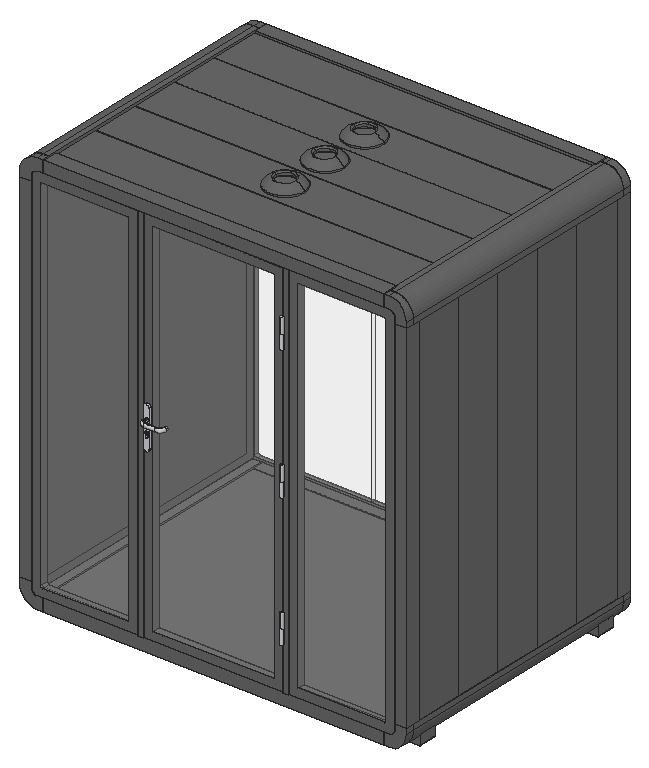
Revit family "Inbox Booths_Large Booth", category Furniture, Revit 2024 (continued)
Automatic sketch dimensions
  Extrusion 15 sketch curve to Extrusion 15 sketch curve = 7.211 mm
  Extrusion 16 sketch curve to Extrusion 16 sketch curve = 6.772 mm
  Extrusion 16 sketch curve to Extrusion 16 sketch curve = 0.008 mm
  Sweep 17 sketch curve to Sweep 17 sketch curve = 0.5 mm
  Sweep 17 sketch curve to Sweep 17 sketch curve = 34 mm  (x2)
  Sweep 17 sketch curve to Sweep 17 sketch curve = 10.004 mm
  profile plane to Sweep 17 sketch curve = 16.111 mm
  Sweep 17 sketch curve to profile plane = 9.363 mm
  Sweep 17 sketch curve to Sweep 17 sketch curve = 2.326 mm
  Sweep 17 sketch curve to Sweep 17 sketch curve = 2.327 mm
  profile plane to Sweep 17 sketch curve = 0.897 mm
  Sweep 17 sketch curve to Sweep 17 sketch curve = 2.189 mm
  Sweep 17 sketch curve to Sweep 17 sketch curve = 2.198 mm
  Sweep 17 sketch curve to Sweep 17 sketch curve = 2.484 mm
  Sweep 17 sketch curve to Sweep 17 sketch curve = 6.089 mm
  profile plane to Sweep 17 sketch curve = 9.487 mm
  Sweep 17 sketch curve to Sweep 17 sketch curve = 8.573 mm
  Sweep 17 sketch curve to Sweep 17 sketch curve = 3.513 mm
  profile plane to Sweep 17 sketch curve = 0.101 mm
  Sweep 17 sketch curve to Sweep 17 sketch curve = 0 mm  (x3)
  Extrusion 14 sketch curve to Extrusion 14 sketch curve = 15 mm
  Extrusion 14 sketch curve to Extrusion 14 sketch curve = 210 mm
  Extrusion 15 sketch curve to Extrusion 15 sketch curve = 4.5 mm  (x2)
  Extrusion 16 sketch curve to Extrusion 16 sketch curve = 0 mm
  Sweep 17 sketch curve to Sweep 17 sketch curve = 66.5 mm
  Sweep 17 sketch curve to Sweep 17 sketch curve = 19.991 mm
  Extrusion 34 sketch curve to Extrusion 34 sketch curve = 0 mm  (x4)
  Extrusion 34 sketch curve to Extrusion 34 sketch curve = 12.789 mm
  Extrusion 34 sketch curve to Extrusion 34 sketch curve = 7.211 mm
  Extrusion 35 sketch curve to Extrusion 35 sketch curve = 6.772 mm
  Extrusion 35 sketch curve to Extrusion 35 sketch curve = 0.008 mm
  Sweep 36 sketch curve to Sweep 36 sketch curve = 0.5 mm
  Sweep 36 sketch curve to Sweep 36 sketch curve = 34 mm  (x2)
  Sweep 36 sketch curve to Sweep 36 sketch curve = 10.004 mm
  profile plane to Sweep 36 sketch curve = 16.111 mm
  Sweep 36 sketch curve to profile plane = 9.363 mm
  Sweep 36 sketch curve to Sweep 36 sketch curve = 2.326 mm
  Sweep 36 sketch curve to Sweep 36 sketch curve = 2.327 mm
  profile plane to Sweep 36 sketch curve = 0.897 mm
  Sweep 36 sketch curve to Sweep 36 sketch curve = 2.189 mm
  Sweep 36 sketch curve to Sweep 36 sketch curve = 2.198 mm
  Sweep 36 sketch curve to Sweep 36 sketch curve = 2.484 mm
  Sweep 36 sketch curve to Sweep 36 sketch curve = 6.089 mm
  profile plane to Sweep 36 sketch curve = 9.487 mm
  Sweep 36 sketch curve to Sweep 36 sketch curve = 8.573 mm
  Sweep 36 sketch curve to Sweep 36 sketch curve = 3.513 mm
  profile plane to Sweep 36 sketch curve = 0.101 mm
  Sweep 36 sketch curve to Sweep 36 sketch curve = 0 mm  (x3)
  Extrusion 33 sketch curve to Extrusion 33 sketch curve = 15 mm
  Extrusion 33 sketch curve to Extrusion 33 sketch curve = 210 mm
  Extrusion 34 sketch curve to Extrusion 34 sketch curve = 4.5 mm  (x2)
  Extrusion 35 sketch curve to Extrusion 35 sketch curve = 0 mm
  Sweep 36 sketch curve to Sweep 36 sketch curve = 66.5 mm
  Sweep 36 sketch curve to Sweep 36 sketch curve = 19.991 mm
  Extrusion 31 sketch curve to Extrusion 31 sketch curve = 50 mm  (x4)
  Extrusion 31 sketch curve to Extrusion 31 sketch curve = 694 mm
  Extrusion 31 sketch curve to Extrusion 31 sketch curve = 2066 mm
  Extrusion 5 sketch curve to Extrusion 5 sketch curve = 1516 mm
  Extrusion 5 sketch curve to Extrusion 5 sketch curve = 2146 mm
  Extrusion 13 sketch curve to Extrusion 13 sketch curve = 1940 mm
  Extrusion 13 sketch curve to Extrusion 13 sketch curve = 57 mm
  Extrusion 21 sketch curve to Extrusion 21 sketch curve = 67 mm
  Extrusion 21 sketch curve to Extrusion 21 sketch curve = 32 mm
  Extrusion 21 sketch curve to Extrusion 21 sketch curve = 1 mm
  Extrusion 21 sketch curve to Extrusion 21 sketch curve = 31 mm  (x2)
  Extrusion 21 sketch curve to Extrusion 21 sketch curve = 33 mm
  Extrusion 22 sketch curve to Extrusion 22 sketch curve = 67 mm
  Extrusion 22 sketch curve to Extrusion 22 sketch curve = 32 mm
  Extrusion 22 sketch curve to Extrusion 22 sketch curve = 1 mm
  Extrusion 22 sketch curve to Extrusion 22 sketch curve = 31 mm  (x2)
  Extrusion 22 sketch curve to Extrusion 22 sketch curve = 33 mm
  Extrusion 23 sketch curve to Extrusion 23 sketch curve = 281.2 mm
  Extrusion 23 sketch curve to Extrusion 23 sketch curve = 2040 mm
  Extrusion 24 sketch curve to Extrusion 24 sketch curve = 1940 mm
  Extrusion 24 sketch curve to Extrusion 24 sketch curve = 57 mm
  Extrusion 66 sketch curve to Extrusion 66 sketch curve = 4 mm  (x2)
  Extrusion 66 sketch curve to Extrusion 66 sketch curve = 90 mm
  Extrusion 66 sketch curve to Extrusion 66 sketch curve = 36.232 mm
  Extrusion 66 sketch curve to Extrusion 66 sketch curve = 6 mm
  Extrusion 66 sketch curve to Extrusion 66 sketch curve = 62.411 mm
  Extrusion 71 sketch curve to Extrusion 71 sketch curve = 67 mm
  Extrusion 71 sketch curve to Extrusion 71 sketch curve = 32 mm
  Extrusion 71 sketch curve to Extrusion 71 sketch curve = 1 mm
  Extrusion 71 sketch curve to Extrusion 71 sketch curve = 31 mm  (x2)
  Extrusion 71 sketch curve to Extrusion 71 sketch curve = 30 mm
  Extrusion 73 sketch curve to Extrusion 73 sketch curve = 4 mm  (x2)
  Extrusion 73 sketch curve to Extrusion 73 sketch curve = 90 mm
  Extrusion 73 sketch curve to Extrusion 73 sketch curve = 36.232 mm
  Extrusion 73 sketch curve to Extrusion 73 sketch curve = 43.589 mm
  Extrusion 73 sketch curve to Extrusion 73 sketch curve = 62.411 mm
  Extrusion 85 sketch curve to Extrusion 85 sketch curve = 0 mm  (x8)
  Extrusion 85 sketch curve to Extrusion 85 sketch curve = 20 mm
  Extrusion 85 sketch curve to Extrusion 85 sketch curve = 12 mm  (x3)
  Extrusion 85 sketch curve to Extrusion 85 sketch curve = 2002 mm  (x2)
  Extrusion 85 sketch curve to Extrusion 85 sketch curve = 2102 mm
  Extrusion 86 sketch curve to Extrusion 86 sketch curve = 654 mm  (x2)
  Extrusion 86 sketch curve to Extrusion 86 sketch curve = 12 mm
  Extrusion 86 sketch curve to Extrusion 86 sketch curve = 2102 mm
  Extrusion 90 sketch curve to Extrusion 90 sketch curve = 281.2 mm
  Extrusion 90 sketch curve to Extrusion 90 sketch curve = 2040 mm
  Extrusion 93 sketch curve to Extrusion 93 sketch curve = 1940 mm
  Extrusion 93 sketch curve to Extrusion 93 sketch curve = 57 mm
  Extrusion 94 sketch curve to Extrusion 94 sketch curve = 1940 mm
  Extrusion 94 sketch curve to Extrusion 94 sketch curve = 57 mm
  Extrusion 95 sketch curve to Extrusion 95 sketch curve = 1940 mm
  Extrusion 95 sketch curve to Extrusion 95 sketch curve = 57 mm
  Extrusion 100 sketch curve to Extrusion 100 sketch curve = 1940 mm
  Extrusion 100 sketch curve to Extrusion 100 sketch curve = 67 mm
  Extrusion 101 sketch curve to Extrusion 101 sketch curve = 32 mm  (x2)
  Extrusion 101 sketch curve to Extrusion 101 sketch curve = 18 mm
  Extrusion 101 sketch curve to Extrusion 101 sketch curve = 11.954 mm  (x2)
  Extrusion 101 sketch curve to Extrusion 101 sketch curve = 12 mm
  Extrusion 101 sketch curve to Extrusion 101 sketch curve = 1.046 mm
  Extrusion 101 sketch curve to Extrusion 101 sketch curve = 492 mm
  Extrusion 101 sketch curve to Extrusion 101 sketch curve = 50 mm  (x2)
  Extrusion 101 sketch curve to Extrusion 101 sketch curve = 2041 mm
  Extrusion 101 sketch curve to Extrusion 101 sketch curve = 30 mm
  Extrusion 102 sketch curve to Extrusion 102 sketch curve = 11.954 mm  (x2)
  Extrusion 102 sketch curve to Extrusion 102 sketch curve = 12 mm
  Extrusion 102 sketch curve to Extrusion 102 sketch curve = 1.046 mm
  Extrusion 102 sketch curve to Extrusion 102 sketch curve = 492 mm
  Extrusion 102 sketch curve to Extrusion 102 sketch curve = 2041 mm
  Extrusion 103 sketch curve to Extrusion 103 sketch curve = 45 mm
  Extrusion 103 sketch curve to Extrusion 103 sketch curve = 2166 mm
  Extrusion 104 sketch curve to Extrusion 104 sketch curve = 32 mm  (x2)
  Extrusion 104 sketch curve to Extrusion 104 sketch curve = 18 mm  (x3)
  Extrusion 104 sketch curve to Extrusion 104 sketch curve = 11.954 mm
  Extrusion 104 sketch curve to Extrusion 104 sketch curve = 12 mm
  Extrusion 104 sketch curve to Extrusion 104 sketch curve = 1.046 mm  (x2)
  Extrusion 104 sketch curve to Extrusion 104 sketch curve = 492 mm
  Extrusion 104 sketch curve to Extrusion 104 sketch curve = 50 mm
  Extrusion 104 sketch curve to Extrusion 104 sketch curve = 2041 mm
  Extrusion 105 sketch curve to Extrusion 105 sketch curve = 11.954 mm
  Extrusion 105 sketch curve to Extrusion 105 sketch curve = 12 mm
  Extrusion 105 sketch curve to Extrusion 105 sketch curve = 1.046 mm  (x2)
  Extrusion 105 sketch curve to Extrusion 105 sketch curve = 492 mm
  Extrusion 105 sketch curve to Extrusion 105 sketch curve = 2041 mm
  Extrusion 106 sketch curve to Extrusion 106 sketch curve = 45 mm
  Extrusion 106 sketch curve to Extrusion 106 sketch curve = 2166 mm
  Extrusion 110 sketch curve to Extrusion 110 sketch curve = 0 mm  (x4)
  Extrusion 110 sketch curve to Extrusion 110 sketch curve = 12.789 mm
  Extrusion 110 sketch curve to Extrusion 110 sketch curve = 7.211 mm
  Extrusion 111 sketch curve to Extrusion 111 sketch curve = 6.772 mm
  Extrusion 111 sketch curve to Extrusion 111 sketch curve = 0.008 mm
  Sweep 112 sketch curve to Sweep 112 sketch curve = 0.5 mm
  Sweep 112 sketch curve to Sweep 112 sketch curve = 34 mm  (x2)
  Sweep 112 sketch curve to Sweep 112 sketch curve = 10.004 mm
  profile plane to Sweep 112 sketch curve = 16.111 mm
  Sweep 112 sketch curve to profile plane = 9.363 mm
  Sweep 112 sketch curve to Sweep 112 sketch curve = 2.326 mm
  Sweep 112 sketch curve to Sweep 112 sketch curve = 2.327 mm
  profile plane to Sweep 112 sketch curve = 0.897 mm
  Sweep 112 sketch curve to Sweep 112 sketch curve = 2.189 mm
  Sweep 112 sketch curve to Sweep 112 sketch curve = 2.198 mm
  Sweep 112 sketch curve to Sweep 112 sketch curve = 2.484 mm
  Sweep 112 sketch curve to Sweep 112 sketch curve = 6.089 mm
  profile plane to Sweep 112 sketch curve = 9.487 mm
  Sweep 112 sketch curve to Sweep 112 sketch curve = 8.573 mm
  Sweep 112 sketch curve to Sweep 112 sketch curve = 3.513 mm
  profile plane to Sweep 112 sketch curve = 0.101 mm
  Sweep 112 sketch curve to Sweep 112 sketch curve = 0 mm  (x3)
  Extrusion 109 sketch curve to Extrusion 109 sketch curve = 15 mm
  Extrusion 109 sketch curve to Extrusion 109 sketch curve = 210 mm
  Extrusion 110 sketch curve to Extrusion 110 sketch curve = 4.5 mm  (x2)
  Extrusion 111 sketch curve to Extrusion 111 sketch curve = 0 mm
  Sweep 112 sketch curve to Sweep 112 sketch curve = 66.5 mm
  Sweep 112 sketch curve to Sweep 112 sketch curve = 19.991 mm
  Extrusion 107 sketch curve to Extrusion 107 sketch curve = 50 mm  (x4)
  Extrusion 107 sketch curve to Extrusion 107 sketch curve = 694 mm
  Extrusion 107 sketch curve to Extrusion 107 sketch curve = 2066 mm
  Extrusion 49 sketch curve to Extrusion 49 sketch curve = 1516 mm
  Extrusion 49 sketch curve to Extrusion 49 sketch curve = 2146 mm
  Extrusion 55 sketch curve to Extrusion 55 sketch curve = 1940 mm
  Extrusion 55 sketch curve to Extrusion 55 sketch curve = 57 mm
  Extrusion 59 sketch curve to Extrusion 59 sketch curve = 67 mm
  Extrusion 59 sketch curve to Extrusion 59 sketch curve = 32 mm
  Extrusion 59 sketch curve to Extrusion 59 sketch curve = 1 mm
  Extrusion 59 sketch curve to Extrusion 59 sketch curve = 31 mm  (x2)
  Extrusion 59 sketch curve to Extrusion 59 sketch curve = 33 mm
  Extrusion 60 sketch curve to Extrusion 60 sketch curve = 67 mm
  Extrusion 60 sketch curve to Extrusion 60 sketch curve = 32 mm
  Extrusion 60 sketch curve to Extrusion 60 sketch curve = 1 mm
  Extrusion 60 sketch curve to Extrusion 60 sketch curve = 31 mm  (x2)
  Extrusion 60 sketch curve to Extrusion 60 sketch curve = 33 mm
  Extrusion 61 sketch curve to Extrusion 61 sketch curve = 281.2 mm
  Extrusion 61 sketch curve to Extrusion 61 sketch curve = 2040 mm
  Extrusion 62 sketch curve to Extrusion 62 sketch curve = 1940 mm
  Extrusion 62 sketch curve to Extrusion 62 sketch curve = 57 mm
  Extrusion 74 sketch curve to Extrusion 74 sketch curve = 4 mm  (x2)
  Extrusion 74 sketch curve to Extrusion 74 sketch curve = 90 mm
  Extrusion 74 sketch curve to Extrusion 74 sketch curve = 36.232 mm
  Extrusion 74 sketch curve to Extrusion 74 sketch curve = 6 mm
  Extrusion 74 sketch curve to Extrusion 74 sketch curve = 62.411 mm
  Extrusion 79 sketch curve to Extrusion 79 sketch curve = 67 mm
  Extrusion 79 sketch curve to Extrusion 79 sketch curve = 32 mm
  Extrusion 79 sketch curve to Extrusion 79 sketch curve = 1 mm
  Extrusion 79 sketch curve to Extrusion 79 sketch curve = 31 mm  (x2)
  Extrusion 79 sketch curve to Extrusion 79 sketch curve = 30 mm
  Extrusion 81 sketch curve to Extrusion 81 sketch curve = 4 mm  (x2)
  Extrusion 81 sketch curve to Extrusion 81 sketch curve = 90 mm
  Extrusion 81 sketch curve to Extrusion 81 sketch curve = 36.232 mm
  Extrusion 81 sketch curve to Extrusion 81 sketch curve = 43.589 mm
  Extrusion 81 sketch curve to Extrusion 81 sketch curve = 62.411 mm
  Extrusion 87 sketch curve to Extrusion 87 sketch curve = 0 mm  (x8)
  Extrusion 87 sketch curve to Extrusion 87 sketch curve = 20 mm
  Extrusion 87 sketch curve to Extrusion 87 sketch curve = 12 mm  (x3)
  Extrusion 87 sketch curve to Extrusion 87 sketch curve = 2002 mm  (x2)
  Extrusion 87 sketch curve to Extrusion 87 sketch curve = 2102 mm
  Extrusion 88 sketch curve to Extrusion 88 sketch curve = 654 mm  (x2)
  Extrusion 88 sketch curve to Extrusion 88 sketch curve = 12 mm
  Extrusion 88 sketch curve to Extrusion 88 sketch curve = 2102 mm
  Extrusion 140 sketch curve to Extrusion 140 sketch curve = 0 mm  (x4)
  Extrusion 140 sketch curve to Extrusion 140 sketch curve = 12.789 mm
  Extrusion 140 sketch curve to Extrusion 140 sketch curve = 7.211 mm
  Extrusion 141 sketch curve to Extrusion 141 sketch curve = 6.772 mm
  Extrusion 141 sketch curve to Extrusion 141 sketch curve = 0.008 mm
  Sweep 142 sketch curve to Sweep 142 sketch curve = 0.5 mm
  Sweep 142 sketch curve to Sweep 142 sketch curve = 34 mm  (x2)
  Sweep 142 sketch curve to Sweep 142 sketch curve = 10.004 mm
  profile plane to Sweep 142 sketch curve = 16.111 mm
  Sweep 142 sketch curve to profile plane = 9.363 mm
  Sweep 142 sketch curve to Sweep 142 sketch curve = 2.326 mm
  Sweep 142 sketch curve to Sweep 142 sketch curve = 2.327 mm
  profile plane to Sweep 142 sketch curve = 0.897 mm
  Sweep 142 sketch curve to Sweep 142 sketch curve = 2.189 mm
  Sweep 142 sketch curve to Sweep 142 sketch curve = 2.198 mm
  Sweep 142 sketch curve to Sweep 142 sketch curve = 2.484 mm
  Sweep 142 sketch curve to Sweep 142 sketch curve = 6.089 mm
  profile plane to Sweep 142 sketch curve = 9.487 mm
  Sweep 142 sketch curve to Sweep 142 sketch curve = 8.573 mm
  Sweep 142 sketch curve to Sweep 142 sketch curve = 3.513 mm
  profile plane to Sweep 142 sketch curve = 0.101 mm
  Sweep 142 sketch curve to Sweep 142 sketch curve = 0 mm  (x3)
  Extrusion 139 sketch curve to Extrusion 139 sketch curve = 15 mm
  Extrusion 139 sketch curve to Extrusion 139 sketch curve = 210 mm
  Extrusion 140 sketch curve to Extrusion 140 sketch curve = 4.5 mm  (x2)
  Extrusion 141 sketch curve to Extrusion 141 sketch curve = 0 mm
  Sweep 142 sketch curve to Sweep 142 sketch curve = 66.5 mm
  Sweep 142 sketch curve to Sweep 142 sketch curve = 19.991 mm
  Extrusion 137 sketch curve to Extrusion 137 sketch curve = 50 mm  (x4)
  Extrusion 137 sketch curve to Extrusion 137 sketch curve = 694 mm
  Extrusion 137 sketch curve to Extrusion 137 sketch curve = 2066 mm
  Extrusion 108 sketch curve to Extrusion 108 sketch curve = 694 mm
  Extrusion 108 sketch curve to Extrusion 108 sketch curve = 2066 mm
  Extrusion 32 sketch curve to Extrusion 32 sketch curve = 694 mm
  Extrusion 32 sketch curve to Extrusion 32 sketch curve = 2066 mm
  Extrusion 138 sketch curve to Extrusion 138 sketch curve = 694 mm
  Extrusion 138 sketch curve to Extrusion 138 sketch curve = 2066 mm
  Extrusion 152 sketch curve to Extrusion 152 sketch curve = 4 mm  (x2)
  Extrusion 152 sketch curve to Extrusion 152 sketch curve = 90 mm
  Extrusion 152 sketch curve to Extrusion 152 sketch curve = 36.232 mm
  Extrusion 152 sketch curve to Extrusion 152 sketch curve = 43.589 mm
  Extrusion 152 sketch curve to Extrusion 152 sketch curve = 62.411 mm
  Extrusion 92 sketch curve to Extrusion 92 sketch curve = 289.508 mm
  Extrusion 92 sketch curve to Extrusion 92 sketch curve = 2040 mm
  Extrusion 153 sketch curve to Extrusion 153 sketch curve = 4 mm  (x2)
  Extrusion 153 sketch curve to Extrusion 153 sketch curve = 90 mm
  Extrusion 153 sketch curve to Extrusion 153 sketch curve = 36.232 mm
  Extrusion 153 sketch curve to Extrusion 153 sketch curve = 6 mm
  Extrusion 153 sketch curve to Extrusion 153 sketch curve = 62.411 mm
  Extrusion 122 sketch curve to Extrusion 122 sketch curve = 289.508 mm
  Extrusion 122 sketch curve to Extrusion 122 sketch curve = 2040 mm
  Extrusion 156 sketch curve to Extrusion 156 sketch curve = 693.885 mm
  Extrusion 156 sketch curve to Extrusion 156 sketch curve = 2126 mm
  Sweep 149 sketch curve to profile plane = 0 mm
  profile plane to Sweep 149 sketch curve = 8.894 mm
  Sweep 149 sketch curve to profile plane = 12.021 mm
  Sweep 149 sketch curve to profile plane = 1.808 mm
  Sweep 149 sketch curve to profile plane = 13.991 mm
  Sweep 149 sketch curve to Sweep 149 sketch curve = 7.979 mm
  Sweep 149 sketch curve to Sweep 149 sketch curve = 11.956 mm
  Sweep 149 sketch curve to Sweep 149 sketch curve = 26.751 mm
  profile plane to Sweep 149 sketch curve = 0.653 mm
  Sweep 149 sketch curve to Sweep 149 sketch curve = 23.273 mm
  Sweep 149 sketch curve to Sweep 149 sketch curve = 5.949 mm
  Sweep 149 sketch curve to profile plane = 50.627 mm
  Sweep 149 sketch curve to Sweep 149 sketch curve = 10 mm
  Sweep 149 sketch curve to Sweep 149 sketch curve = 6.925 mm
  Sweep 150 sketch curve to profile plane = 0 mm
  profile plane to Sweep 150 sketch curve = 69.964 mm
  profile plane to Sweep 150 sketch curve = 0.653 mm
  Sweep 150 sketch curve to Sweep 150 sketch curve = 5.949 mm
  Sweep 150 sketch curve to Sweep 150 sketch curve = 23.273 mm
  profile plane to Sweep 150 sketch curve = 23.977 mm
  Sweep 150 sketch curve to Sweep 150 sketch curve = 3.977 mm
  Sweep 150 sketch curve to profile plane = 1.808 mm
  profile plane to Sweep 150 sketch curve = 13.991 mm
  Sweep 150 sketch curve to Sweep 150 sketch curve = 11.956 mm
  Sweep 150 sketch curve to profile plane = 8.894 mm
  Sweep 150 sketch curve to profile plane = 50.627 mm
  Sweep 150 sketch curve to Sweep 150 sketch curve = 10 mm
  Sweep 150 sketch curve to Sweep 150 sketch curve = 6.925 mm
  Sweep 151 sketch curve to profile plane = 0 mm
  profile plane to Sweep 151 sketch curve = 69.964 mm
  profile plane to Sweep 151 sketch curve = 0.653 mm
  Sweep 151 sketch curve to Sweep 151 sketch curve = 5.949 mm
  Sweep 151 sketch curve to Sweep 151 sketch curve = 23.273 mm
  profile plane to Sweep 151 sketch curve = 23.977 mm
  Sweep 151 sketch curve to Sweep 151 sketch curve = 3.977 mm
  Sweep 151 sketch curve to profile plane = 1.808 mm
  profile plane to Sweep 151 sketch curve = 13.991 mm
  Sweep 151 sketch curve to Sweep 151 sketch curve = 11.956 mm
  Sweep 151 sketch curve to profile plane = 8.894 mm
  Sweep 151 sketch curve to profile plane = 50.627 mm
  Sweep 151 sketch curve to Sweep 151 sketch curve = 10 mm
  Sweep 151 sketch curve to Sweep 151 sketch curve = 6.925 mm
  Extrusion 158 sketch curve to Extrusion 158 sketch curve = 654 mm  (x2)
  Extrusion 158 sketch curve to Extrusion 158 sketch curve = 12 mm
  Extrusion 158 sketch curve to Extrusion 158 sketch curve = 2102 mm
  Extrusion 157 sketch curve to Extrusion 157 sketch curve = 693.885 mm
  Extrusion 157 sketch curve to Extrusion 157 sketch curve = 2126 mm
  Extrusion 1 sketch curve to Extrusion 1 sketch curve = 1940 mm
  Extrusion 1 sketch curve to Extrusion 1 sketch curve = 67 mm
  Extrusion 2 sketch curve to Extrusion 2 sketch curve = 1940 mm
  Extrusion 2 sketch curve to Extrusion 2 sketch curve = 67 mm
  Extrusion 3 sketch curve to Extrusion 3 sketch curve = 1940 mm
  Extrusion 3 sketch curve to Extrusion 3 sketch curve = 67 mm
  Extrusion 4 sketch curve to Extrusion 4 sketch curve = 90 mm
  Extrusion 4 sketch curve to Extrusion 4 sketch curve = 1414.308 mm
  Extrusion 4 sketch curve to Extrusion 4 sketch curve = 81.692 mm
  Extrusion 4 sketch curve to Extrusion 4 sketch curve = 0 mm  (x2)
  Extrusion 4 sketch curve to Extrusion 4 sketch curve = 2040 mm
  Extrusion 6 sketch curve to Extrusion 6 sketch curve = 63 mm  (x2)
  Extrusion 6 sketch curve to Extrusion 6 sketch curve = 1940 mm  (x2)
  Extrusion 6 sketch curve to Extrusion 6 sketch curve = 53 mm  (x2)
  Extrusion 6 sketch curve to Extrusion 6 sketch curve = 0 mm
  Extrusion 6 sketch curve to Extrusion 6 sketch curve = 10 mm  (x3)
  Extrusion 6 sketch curve to Extrusion 6 sketch curve = 2146 mm
  Extrusion 7 sketch curve to Extrusion 7 sketch curve = 0 mm  (x2)
  Extrusion 7 sketch curve to Extrusion 7 sketch curve = 1940 mm
  Extrusion 7 sketch curve to Extrusion 7 sketch curve = 45 mm
  Extrusion 7 sketch curve to Extrusion 7 sketch curve = 1406 mm
  Extrusion 7 sketch curve to Extrusion 7 sketch curve = 65 mm
  Extrusion 8 sketch curve to Extrusion 8 sketch curve = 0 mm  (x2)
  Extrusion 8 sketch curve to Extrusion 8 sketch curve = 1940 mm
  Extrusion 8 sketch curve to Extrusion 8 sketch curve = 63 mm
  Extrusion 8 sketch curve to Extrusion 8 sketch curve = 1388 mm
  Extrusion 8 sketch curve to Extrusion 8 sketch curve = 65 mm
  Extrusion 9 sketch curve to Extrusion 9 sketch curve = 1940 mm
  Extrusion 9 sketch curve to Extrusion 9 sketch curve = 67 mm
  Extrusion 10 sketch curve to Extrusion 10 sketch curve = 1940 mm
  Extrusion 10 sketch curve to Extrusion 10 sketch curve = 67 mm
  Extrusion 18 sketch curve to Extrusion 18 sketch curve = 67 mm
  Extrusion 18 sketch curve to Extrusion 18 sketch curve = 32 mm
  Extrusion 18 sketch curve to Extrusion 18 sketch curve = 1 mm
  Extrusion 18 sketch curve to Extrusion 18 sketch curve = 31 mm  (x2)
  Extrusion 18 sketch curve to Extrusion 18 sketch curve = 33 mm
  Extrusion 19 sketch curve to Extrusion 19 sketch curve = 67 mm
  Extrusion 19 sketch curve to Extrusion 19 sketch curve = 32 mm
  Extrusion 19 sketch curve to Extrusion 19 sketch curve = 1 mm
  Extrusion 19 sketch curve to Extrusion 19 sketch curve = 31 mm  (x2)
  Extrusion 19 sketch curve to Extrusion 19 sketch curve = 30 mm
  Extrusion 20 sketch curve to Extrusion 20 sketch curve = 1940 mm
  Extrusion 20 sketch curve to Extrusion 20 sketch curve = 67 mm
  Extrusion 43 sketch curve to Extrusion 43 sketch curve = 1940 mm
  Extrusion 43 sketch curve to Extrusion 43 sketch curve = 67 mm
  Extrusion 44 sketch curve to Extrusion 44 sketch curve = 1940 mm
  Extrusion 44 sketch curve to Extrusion 44 sketch curve = 67 mm
  Extrusion 67 sketch curve to Extrusion 67 sketch curve = 90 mm
  Extrusion 67 sketch curve to Extrusion 67 sketch curve = 1414.308 mm
  Extrusion 67 sketch curve to Extrusion 67 sketch curve = 81.692 mm
  Extrusion 67 sketch curve to Extrusion 67 sketch curve = 0 mm  (x2)
  Extrusion 67 sketch curve to Extrusion 67 sketch curve = 2040 mm
  Extrusion 68 sketch curve to Extrusion 68 sketch curve = 67 mm
  Extrusion 68 sketch curve to Extrusion 68 sketch curve = 32 mm
  Extrusion 68 sketch curve to Extrusion 68 sketch curve = 1 mm
  Extrusion 68 sketch curve to Extrusion 68 sketch curve = 31 mm  (x2)
  Extrusion 68 sketch curve to Extrusion 68 sketch curve = 30 mm
  Extrusion 69 sketch curve to Extrusion 69 sketch curve = 67 mm
  Extrusion 69 sketch curve to Extrusion 69 sketch curve = 32 mm
  Extrusion 69 sketch curve to Extrusion 69 sketch curve = 1 mm
  Extrusion 69 sketch curve to Extrusion 69 sketch curve = 31 mm  (x2)
  Extrusion 69 sketch curve to Extrusion 69 sketch curve = 30 mm
  Extrusion 70 sketch curve to Extrusion 70 sketch curve = 67 mm
  Extrusion 70 sketch curve to Extrusion 70 sketch curve = 32 mm
  Extrusion 70 sketch curve to Extrusion 70 sketch curve = 1 mm
  Extrusion 70 sketch curve to Extrusion 70 sketch curve = 31 mm  (x2)
  Extrusion 70 sketch curve to Extrusion 70 sketch curve = 33 mm
  Extrusion 72 sketch curve to Extrusion 72 sketch curve = 281.2 mm
  Extrusion 72 sketch curve to Extrusion 72 sketch curve = 2040 mm
  Extrusion 82 sketch curve to Extrusion 82 sketch curve = 1516 mm
  Extrusion 82 sketch curve to Extrusion 82 sketch curve = 2146 mm
  Extrusion 89 sketch curve to Extrusion 89 sketch curve = 281.2 mm
  Extrusion 89 sketch curve to Extrusion 89 sketch curve = 2040 mm
  Extrusion 91 sketch curve to Extrusion 91 sketch curve = 281.2 mm
  Extrusion 91 sketch curve to Extrusion 91 sketch curve = 2040 mm
  Extrusion 96 sketch curve to Extrusion 96 sketch curve = 281.2 mm
  Extrusion 96 sketch curve to Extrusion 96 sketch curve = 2040 mm
  Extrusion 97 sketch curve to Extrusion 97 sketch curve = 281.2 mm
  Extrusion 97 sketch curve to Extrusion 97 sketch curve = 2040 mm
  Extrusion 98 sketch curve to Extrusion 98 sketch curve = 281.2 mm
  Extrusion 98 sketch curve to Extrusion 98 sketch curve = 2040 mm
  Extrusion 99 sketch curve to Extrusion 99 sketch curve = 289.508 mm
  Extrusion 99 sketch curve to Extrusion 99 sketch curve = 2040 mm
  Extrusion 163 sketch curve to Extrusion 163 sketch curve = 67 mm
  Extrusion 163 sketch curve to Extrusion 163 sketch curve = 32 mm
  Extrusion 163 sketch curve to Extrusion 163 sketch curve = 1 mm
  Extrusion 163 sketch curve to Extrusion 163 sketch curve = 31 mm  (x2)
  Extrusion 163 sketch curve to Extrusion 163 sketch curve = 30 mm
  Extrusion 164 sketch curve to Extrusion 164 sketch curve = 67 mm
  Extrusion 164 sketch curve to Extrusion 164 sketch curve = 32 mm
  Extrusion 164 sketch curve to Extrusion 164 sketch curve = 1 mm
  Extrusion 164 sketch curve to Extrusion 164 sketch curve = 31 mm  (x2)
  Extrusion 164 sketch curve to Extrusion 164 sketch curve = 30 mm
  Extrusion 165 sketch curve to Extrusion 165 sketch curve = 67 mm
  Extrusion 165 sketch curve to Extrusion 165 sketch curve = 32 mm
  Extrusion 165 sketch curve to Extrusion 165 sketch curve = 1 mm
  Extrusion 165 sketch curve to Extrusion 165 sketch curve = 31 mm  (x2)
  Extrusion 165 sketch curve to Extrusion 165 sketch curve = 33 mm
  Extrusion 166 sketch curve to Extrusion 166 sketch curve = 67 mm
  Extrusion 166 sketch curve to Extrusion 166 sketch curve = 32 mm
  Extrusion 166 sketch curve to Extrusion 166 sketch curve = 1 mm
  Extrusion 166 sketch curve to Extrusion 166 sketch curve = 31 mm  (x2)
  Extrusion 166 sketch curve to Extrusion 166 sketch curve = 33 mm
  Extrusion 45 sketch curve to Extrusion 45 sketch curve = 1940 mm
  Extrusion 45 sketch curve to Extrusion 45 sketch curve = 67 mm
  Extrusion 46 sketch curve to Extrusion 46 sketch curve = 1940 mm
  Extrusion 46 sketch curve to Extrusion 46 sketch curve = 67 mm
  Extrusion 47 sketch curve to Extrusion 47 sketch curve = 1940 mm
  Extrusion 47 sketch curve to Extrusion 47 sketch curve = 67 mm
  Extrusion 48 sketch curve to Extrusion 48 sketch curve = 90 mm
  Extrusion 48 sketch curve to Extrusion 48 sketch curve = 1414.308 mm
  Extrusion 48 sketch curve to Extrusion 48 sketch curve = 81.692 mm
  Extrusion 48 sketch curve to Extrusion 48 sketch curve = 0 mm  (x2)
  Extrusion 48 sketch curve to Extrusion 48 sketch curve = 2040 mm
  Extrusion 50 sketch curve to Extrusion 50 sketch curve = 63 mm  (x2)
  Extrusion 50 sketch curve to Extrusion 50 sketch curve = 1940 mm  (x2)
  Extrusion 50 sketch curve to Extrusion 50 sketch curve = 53 mm  (x2)
  Extrusion 50 sketch curve to Extrusion 50 sketch curve = 0 mm
  Extrusion 50 sketch curve to Extrusion 50 sketch curve = 10 mm  (x3)
  Extrusion 50 sketch curve to Extrusion 50 sketch curve = 2146 mm
  Extrusion 51 sketch curve to Extrusion 51 sketch curve = 0 mm  (x2)
  Extrusion 51 sketch curve to Extrusion 51 sketch curve = 1940 mm
  Extrusion 51 sketch curve to Extrusion 51 sketch curve = 45 mm
  Extrusion 51 sketch curve to Extrusion 51 sketch curve = 1406 mm
  Extrusion 51 sketch curve to Extrusion 51 sketch curve = 65 mm
  Extrusion 52 sketch curve to Extrusion 52 sketch curve = 0 mm  (x2)
  Extrusion 52 sketch curve to Extrusion 52 sketch curve = 1940 mm
  Extrusion 52 sketch curve to Extrusion 52 sketch curve = 63 mm
  Extrusion 52 sketch curve to Extrusion 52 sketch curve = 1388 mm
  Extrusion 52 sketch curve to Extrusion 52 sketch curve = 65 mm
  Extrusion 53 sketch curve to Extrusion 53 sketch curve = 1940 mm
  Extrusion 53 sketch curve to Extrusion 53 sketch curve = 67 mm
  Extrusion 54 sketch curve to Extrusion 54 sketch curve = 1940 mm
  Extrusion 54 sketch curve to Extrusion 54 sketch curve = 67 mm
  Extrusion 56 sketch curve to Extrusion 56 sketch curve = 67 mm
  Extrusion 56 sketch curve to Extrusion 56 sketch curve = 32 mm
  Extrusion 56 sketch curve to Extrusion 56 sketch curve = 1 mm
  Extrusion 56 sketch curve to Extrusion 56 sketch curve = 31 mm  (x2)
  Extrusion 56 sketch curve to Extrusion 56 sketch curve = 33 mm
  Extrusion 57 sketch curve to Extrusion 57 sketch curve = 67 mm
  Extrusion 57 sketch curve to Extrusion 57 sketch curve = 32 mm
  Extrusion 57 sketch curve to Extrusion 57 sketch curve = 1 mm
  Extrusion 57 sketch curve to Extrusion 57 sketch curve = 31 mm  (x2)
  Extrusion 57 sketch curve to Extrusion 57 sketch curve = 30 mm
  Extrusion 58 sketch curve to Extrusion 58 sketch curve = 1940 mm
  Extrusion 58 sketch curve to Extrusion 58 sketch curve = 67 mm
  Extrusion 63 sketch curve to Extrusion 63 sketch curve = 1940 mm
  Extrusion 63 sketch curve to Extrusion 63 sketch curve = 67 mm
  Extrusion 64 sketch curve to Extrusion 64 sketch curve = 1940 mm
  Extrusion 64 sketch curve to Extrusion 64 sketch curve = 67 mm
  Extrusion 75 sketch curve to Extrusion 75 sketch curve = 90 mm
  Extrusion 75 sketch curve to Extrusion 75 sketch curve = 1414.308 mm
  Extrusion 75 sketch curve to Extrusion 75 sketch curve = 81.692 mm
  Extrusion 75 sketch curve to Extrusion 75 sketch curve = 0 mm  (x2)
  Extrusion 75 sketch curve to Extrusion 75 sketch curve = 2040 mm
  Extrusion 76 sketch curve to Extrusion 76 sketch curve = 67 mm
  Extrusion 76 sketch curve to Extrusion 76 sketch curve = 32 mm
  Extrusion 76 sketch curve to Extrusion 76 sketch curve = 1 mm
  Extrusion 76 sketch curve to Extrusion 76 sketch curve = 31 mm  (x2)
  Extrusion 76 sketch curve to Extrusion 76 sketch curve = 30 mm
  Extrusion 77 sketch curve to Extrusion 77 sketch curve = 67 mm
  Extrusion 77 sketch curve to Extrusion 77 sketch curve = 32 mm
  Extrusion 77 sketch curve to Extrusion 77 sketch curve = 1 mm
  Extrusion 77 sketch curve to Extrusion 77 sketch curve = 31 mm  (x2)
  Extrusion 77 sketch curve to Extrusion 77 sketch curve = 30 mm
  Extrusion 78 sketch curve to Extrusion 78 sketch curve = 67 mm
  Extrusion 78 sketch curve to Extrusion 78 sketch curve = 32 mm
  Extrusion 78 sketch curve to Extrusion 78 sketch curve = 1 mm
  Extrusion 78 sketch curve to Extrusion 78 sketch curve = 31 mm  (x2)
  Extrusion 78 sketch curve to Extrusion 78 sketch curve = 33 mm
  Extrusion 80 sketch curve to Extrusion 80 sketch curve = 281.2 mm
  Extrusion 80 sketch curve to Extrusion 80 sketch curve = 2040 mm
  Extrusion 83 sketch curve to Extrusion 83 sketch curve = 1516 mm
  Extrusion 83 sketch curve to Extrusion 83 sketch curve = 2146 mm
  Extrusion 119 sketch curve to Extrusion 119 sketch curve = 281.2 mm
  Extrusion 119 sketch curve to Extrusion 119 sketch curve = 2040 mm
  Extrusion 121 sketch curve to Extrusion 121 sketch curve = 281.2 mm
  Extrusion 121 sketch curve to Extrusion 121 sketch curve = 2040 mm
  Extrusion 126 sketch curve to Extrusion 126 sketch curve = 281.2 mm
  Extrusion 126 sketch curve to Extrusion 126 sketch curve = 2040 mm
  Extrusion 127 sketch curve to Extrusion 127 sketch curve = 281.2 mm
  Extrusion 127 sketch curve to Extrusion 127 sketch curve = 2040 mm
  Extrusion 128 sketch curve to Extrusion 128 sketch curve = 281.2 mm
  Extrusion 128 sketch curve to Extrusion 128 sketch curve = 2040 mm
  Extrusion 129 sketch curve to Extrusion 129 sketch curve = 289.508 mm
  Extrusion 129 sketch curve to Extrusion 129 sketch curve = 2040 mm
  Extrusion 11 sketch curve to Extrusion 11 sketch curve = 1940 mm
  Extrusion 11 sketch curve to Extrusion 11 sketch curve = 1406 mm
  Extrusion 12 sketch curve to Extrusion 12 sketch curve = 1396.308 mm
  Extrusion 12 sketch curve to Extrusion 12 sketch curve = 1940 mm
  Extrusion 65 sketch curve to Extrusion 65 sketch curve = 1406 mm
  Extrusion 65 sketch curve to Extrusion 65 sketch curve = 2040 mm
  Extrusion 84 sketch curve to Extrusion 84 sketch curve = 1406 mm
  Extrusion 84 sketch curve to Extrusion 84 sketch curve = 2040 mm
  Extrusion 175 sketch curve to Extrusion 175 sketch curve = 1516 mm
  Extrusion 175 sketch curve to Extrusion 175 sketch curve = 2146 mm
  Extrusion 183 sketch curve to Extrusion 183 sketch curve = 1940 mm
  Extrusion 183 sketch curve to Extrusion 183 sketch curve = 57 mm
  Extrusion 187 sketch curve to Extrusion 187 sketch curve = 67 mm
  Extrusion 187 sketch curve to Extrusion 187 sketch curve = 32 mm
  Extrusion 187 sketch curve to Extrusion 187 sketch curve = 1 mm
  Extrusion 187 sketch curve to Extrusion 187 sketch curve = 31 mm  (x2)
  Extrusion 187 sketch curve to Extrusion 187 sketch curve = 33 mm
  Extrusion 188 sketch curve to Extrusion 188 sketch curve = 67 mm
  Extrusion 188 sketch curve to Extrusion 188 sketch curve = 32 mm
  Extrusion 188 sketch curve to Extrusion 188 sketch curve = 1 mm
  Extrusion 188 sketch curve to Extrusion 188 sketch curve = 31 mm  (x2)
  Extrusion 188 sketch curve to Extrusion 188 sketch curve = 33 mm
  Extrusion 189 sketch curve to Extrusion 189 sketch curve = 281.2 mm
  Extrusion 189 sketch curve to Extrusion 189 sketch curve = 2040 mm
  Extrusion 190 sketch curve to Extrusion 190 sketch curve = 1940 mm
  Extrusion 190 sketch curve to Extrusion 190 sketch curve = 57 mm
  Extrusion 194 sketch curve to Extrusion 194 sketch curve = 4 mm  (x2)
  Extrusion 194 sketch curve to Extrusion 194 sketch curve = 90 mm
  Extrusion 194 sketch curve to Extrusion 194 sketch curve = 36.232 mm
  Extrusion 194 sketch curve to Extrusion 194 sketch curve = 6 mm
  Extrusion 194 sketch curve to Extrusion 194 sketch curve = 62.411 mm
  Extrusion 199 sketch curve to Extrusion 199 sketch curve = 67 mm
  Extrusion 199 sketch curve to Extrusion 199 sketch curve = 32 mm
  Extrusion 199 sketch curve to Extrusion 199 sketch curve = 1 mm
  Extrusion 199 sketch curve to Extrusion 199 sketch curve = 31 mm  (x2)
  Extrusion 199 sketch curve to Extrusion 199 sketch curve = 30 mm
  Extrusion 201 sketch curve to Extrusion 201 sketch curve = 4 mm  (x2)
  Extrusion 201 sketch curve to Extrusion 201 sketch curve = 90 mm
  Extrusion 201 sketch curve to Extrusion 201 sketch curve = 36.232 mm
  Extrusion 201 sketch curve to Extrusion 201 sketch curve = 43.589 mm
  Extrusion 201 sketch curve to Extrusion 201 sketch curve = 62.411 mm
  Extrusion 204 sketch curve to Extrusion 204 sketch curve = 0 mm  (x8)
  Extrusion 204 sketch curve to Extrusion 204 sketch curve = 20 mm
  Extrusion 204 sketch curve to Extrusion 204 sketch curve = 12 mm  (x3)
  Extrusion 204 sketch curve to Extrusion 204 sketch curve = 2002 mm  (x2)
  Extrusion 204 sketch curve to Extrusion 204 sketch curve = 2102 mm
  Extrusion 205 sketch curve to Extrusion 205 sketch curve = 654 mm  (x2)
  Extrusion 205 sketch curve to Extrusion 205 sketch curve = 12 mm
  Extrusion 205 sketch curve to Extrusion 205 sketch curve = 2102 mm
  Extrusion 207 sketch curve to Extrusion 207 sketch curve = 281.2 mm
  Extrusion 207 sketch curve to Extrusion 207 sketch curve = 2040 mm
  Extrusion 210 sketch curve to Extrusion 210 sketch curve = 1940 mm
  Extrusion 210 sketch curve to Extrusion 210 sketch curve = 57 mm
  Extrusion 211 sketch curve to Extrusion 211 sketch curve = 1940 mm
  Extrusion 211 sketch curve to Extrusion 211 sketch curve = 57 mm
  Extrusion 212 sketch curve to Extrusion 212 sketch curve = 1940 mm
  Extrusion 212 sketch curve to Extrusion 212 sketch curve = 57 mm
  Extrusion 217 sketch curve to Extrusion 217 sketch curve = 1940 mm
  Extrusion 217 sketch curve to Extrusion 217 sketch curve = 67 mm
  Extrusion 218 sketch curve to Extrusion 218 sketch curve = 32 mm  (x2)
  Extrusion 218 sketch curve to Extrusion 218 sketch curve = 18 mm
  Extrusion 218 sketch curve to Extrusion 218 sketch curve = 11.954 mm  (x2)
  Extrusion 218 sketch curve to Extrusion 218 sketch curve = 12 mm
  Extrusion 218 sketch curve to Extrusion 218 sketch curve = 1.046 mm
  Extrusion 218 sketch curve to Extrusion 218 sketch curve = 492 mm
  Extrusion 218 sketch curve to Extrusion 218 sketch curve = 50 mm  (x2)
  Extrusion 218 sketch curve to Extrusion 218 sketch curve = 2041 mm
  Extrusion 218 sketch curve to Extrusion 218 sketch curve = 30 mm
  Extrusion 219 sketch curve to Extrusion 219 sketch curve = 11.954 mm  (x2)
  Extrusion 219 sketch curve to Extrusion 219 sketch curve = 12 mm
  Extrusion 219 sketch curve to Extrusion 219 sketch curve = 1.046 mm
  Extrusion 219 sketch curve to Extrusion 219 sketch curve = 492 mm
  Extrusion 219 sketch curve to Extrusion 219 sketch curve = 2041 mm
  Extrusion 220 sketch curve to Extrusion 220 sketch curve = 45 mm
  Extrusion 220 sketch curve to Extrusion 220 sketch curve = 2166 mm
  Extrusion 221 sketch curve to Extrusion 221 sketch curve = 32 mm  (x2)
  Extrusion 221 sketch curve to Extrusion 221 sketch curve = 18 mm  (x3)
  Extrusion 221 sketch curve to Extrusion 221 sketch curve = 11.954 mm
  Extrusion 221 sketch curve to Extrusion 221 sketch curve = 12 mm
  Extrusion 221 sketch curve to Extrusion 221 sketch curve = 1.046 mm  (x2)
  Extrusion 221 sketch curve to Extrusion 221 sketch curve = 492 mm
  Extrusion 221 sketch curve to Extrusion 221 sketch curve = 50 mm
  Extrusion 221 sketch curve to Extrusion 221 sketch curve = 2041 mm
  Extrusion 222 sketch curve to Extrusion 222 sketch curve = 11.954 mm
  Extrusion 222 sketch curve to Extrusion 222 sketch curve = 12 mm
  Extrusion 222 sketch curve to Extrusion 222 sketch curve = 1.046 mm  (x2)
  Extrusion 222 sketch curve to Extrusion 222 sketch curve = 492 mm
  Extrusion 222 sketch curve to Extrusion 222 sketch curve = 2041 mm
  Extrusion 223 sketch curve to Extrusion 223 sketch curve = 45 mm
  Extrusion 223 sketch curve to Extrusion 223 sketch curve = 2166 mm
  Extrusion 227 sketch curve to Extrusion 227 sketch curve = 0 mm  (x4)
  Extrusion 227 sketch curve to Extrusion 227 sketch curve = 12.789 mm
  Extrusion 227 sketch curve to Extrusion 227 sketch curve = 7.211 mm
  Extrusion 228 sketch curve to Extrusion 228 sketch curve = 6.772 mm
  Extrusion 228 sketch curve to Extrusion 228 sketch curve = 0.008 mm
  Sweep 229 sketch curve to Sweep 229 sketch curve = 0.5 mm
  Sweep 229 sketch curve to Sweep 229 sketch curve = 34 mm  (x2)
  Sweep 229 sketch curve to Sweep 229 sketch curve = 10.004 mm
  profile plane to Sweep 229 sketch curve = 16.111 mm
  Sweep 229 sketch curve to profile plane = 9.363 mm
  Sweep 229 sketch curve to Sweep 229 sketch curve = 2.326 mm
  Sweep 229 sketch curve to Sweep 229 sketch curve = 2.327 mm
  profile plane to Sweep 229 sketch curve = 0.897 mm
  Sweep 229 sketch curve to Sweep 229 sketch curve = 2.189 mm
  Sweep 229 sketch curve to Sweep 229 sketch curve = 2.198 mm
  Sweep 229 sketch curve to Sweep 229 sketch curve = 2.484 mm
  Sweep 229 sketch curve to Sweep 229 sketch curve = 6.089 mm
  profile plane to Sweep 229 sketch curve = 9.487 mm
  Sweep 229 sketch curve to Sweep 229 sketch curve = 8.573 mm
  Sweep 229 sketch curve to Sweep 229 sketch curve = 3.513 mm
  profile plane to Sweep 229 sketch curve = 0.101 mm
  Sweep 229 sketch curve to Sweep 229 sketch curve = 0 mm  (x3)
  Extrusion 226 sketch curve to Extrusion 226 sketch curve = 15 mm
  Extrusion 226 sketch curve to Extrusion 226 sketch curve = 210 mm
  Extrusion 227 sketch curve to Extrusion 227 sketch curve = 4.5 mm  (x2)
  Extrusion 228 sketch curve to Extrusion 228 sketch curve = 0 mm
  Sweep 229 sketch curve to Sweep 229 sketch curve = 66.5 mm
  Sweep 229 sketch curve to Sweep 229 sketch curve = 19.991 mm
  Extrusion 224 sketch curve to Extrusion 224 sketch curve = 50 mm  (x4)
  Extrusion 224 sketch curve to Extrusion 224 sketch curve = 694 mm
  Extrusion 224 sketch curve to Extrusion 224 sketch curve = 2066 mm
  Extrusion 225 sketch curve to Extrusion 225 sketch curve = 694 mm
  Extrusion 225 sketch curve to Extrusion 225 sketch curve = 2066 mm
  Extrusion 239 sketch curve to Extrusion 239 sketch curve = 4 mm  (x2)
  Extrusion 239 sketch curve to Extrusion 239 sketch curve = 90 mm
  Extrusion 239 sketch curve to Extrusion 239 sketch curve = 36.232 mm
  Extrusion 239 sketch curve to Extrusion 239 sketch curve = 43.589 mm
  Extrusion 239 sketch curve to Extrusion 239 sketch curve = 62.411 mm
  Extrusion 209 sketch curve to Extrusion 209 sketch curve = 289.508 mm
  Extrusion 209 sketch curve to Extrusion 209 sketch curve = 2040 mm
  Extrusion 240 sketch curve to Extrusion 240 sketch curve = 4 mm  (x2)
  Extrusion 240 sketch curve to Extrusion 240 sketch curve = 90 mm
  Extrusion 240 sketch curve to Extrusion 240 sketch curve = 36.232 mm
  Extrusion 240 sketch curve to Extrusion 240 sketch curve = 6 mm
  Extrusion 240 sketch curve to Extrusion 240 sketch curve = 62.411 mm
  Extrusion 241 sketch curve to Extrusion 241 sketch curve = 693.885 mm
  Extrusion 241 sketch curve to Extrusion 241 sketch curve = 2126 mm
  Sweep 236 sketch curve to profile plane = 0 mm
  profile plane to Sweep 236 sketch curve = 8.894 mm
  Sweep 236 sketch curve to profile plane = 12.021 mm
  Sweep 236 sketch curve to profile plane = 1.808 mm
  Sweep 236 sketch curve to profile plane = 13.991 mm
  Sweep 236 sketch curve to Sweep 236 sketch curve = 7.979 mm
  Sweep 236 sketch curve to Sweep 236 sketch curve = 11.956 mm
  Sweep 236 sketch curve to Sweep 236 sketch curve = 26.751 mm
  profile plane to Sweep 236 sketch curve = 0.653 mm
  Sweep 236 sketch curve to Sweep 236 sketch curve = 23.273 mm
  Sweep 236 sketch curve to Sweep 236 sketch curve = 5.949 mm
  Sweep 236 sketch curve to profile plane = 50.627 mm
  Sweep 236 sketch curve to Sweep 236 sketch curve = 10 mm
  Sweep 236 sketch curve to Sweep 236 sketch curve = 6.925 mm
  Sweep 237 sketch curve to profile plane = 0 mm
  profile plane to Sweep 237 sketch curve = 69.964 mm
  profile plane to Sweep 237 sketch curve = 0.653 mm
  Sweep 237 sketch curve to Sweep 237 sketch curve = 5.949 mm
  Sweep 237 sketch curve to Sweep 237 sketch curve = 23.273 mm
  profile plane to Sweep 237 sketch curve = 23.977 mm
  Sweep 237 sketch curve to Sweep 237 sketch curve = 3.977 mm
  Sweep 237 sketch curve to profile plane = 1.808 mm
  profile plane to Sweep 237 sketch curve = 13.991 mm
  Sweep 237 sketch curve to Sweep 237 sketch curve = 11.956 mm
  Sweep 237 sketch curve to profile plane = 8.894 mm
  Sweep 237 sketch curve to profile plane = 50.627 mm
  Sweep 237 sketch curve to Sweep 237 sketch curve = 10 mm
  Sweep 237 sketch curve to Sweep 237 sketch curve = 6.925 mm
  Sweep 238 sketch curve to profile plane = 0 mm
  profile plane to Sweep 238 sketch curve = 69.964 mm
  profile plane to Sweep 238 sketch curve = 0.653 mm
  Sweep 238 sketch curve to Sweep 238 sketch curve = 5.949 mm
  Sweep 238 sketch curve to Sweep 238 sketch curve = 23.273 mm
  profile plane to Sweep 238 sketch curve = 23.977 mm
  Sweep 238 sketch curve to Sweep 238 sketch curve = 3.977 mm
  Sweep 238 sketch curve to profile plane = 1.808 mm
  profile plane to Sweep 238 sketch curve = 13.991 mm
  Sweep 238 sketch curve to Sweep 238 sketch curve = 11.956 mm
  Sweep 238 sketch curve to profile plane = 8.894 mm
  Sweep 238 sketch curve to profile plane = 50.627 mm
  Sweep 238 sketch curve to Sweep 238 sketch curve = 10 mm
  Sweep 238 sketch curve to Sweep 238 sketch curve = 6.925 mm
  Extrusion 242 sketch curve to Extrusion 242 sketch curve = 654 mm  (x2)
  Extrusion 242 sketch curve to Extrusion 242 sketch curve = 12 mm
  Extrusion 242 sketch curve to Extrusion 242 sketch curve = 2102 mm
  Extrusion 171 sketch curve to Extrusion 171 sketch curve = 1940 mm
  Extrusion 171 sketch curve to Extrusion 171 sketch curve = 67 mm
  Extrusion 172 sketch curve to Extrusion 172 sketch curve = 1940 mm
  Extrusion 172 sketch curve to Extrusion 172 sketch curve = 67 mm
  Extrusion 173 sketch curve to Extrusion 173 sketch curve = 1940 mm
  Extrusion 173 sketch curve to Extrusion 173 sketch curve = 67 mm
  Extrusion 174 sketch curve to Extrusion 174 sketch curve = 90 mm
  Extrusion 174 sketch curve to Extrusion 174 sketch curve = 1414.308 mm
  Extrusion 174 sketch curve to Extrusion 174 sketch curve = 81.692 mm
  Extrusion 174 sketch curve to Extrusion 174 sketch curve = 0 mm  (x2)
  Extrusion 174 sketch curve to Extrusion 174 sketch curve = 2040 mm
  Extrusion 176 sketch curve to Extrusion 176 sketch curve = 63 mm  (x2)
  Extrusion 176 sketch curve to Extrusion 176 sketch curve = 1940 mm  (x2)
  Extrusion 176 sketch curve to Extrusion 176 sketch curve = 53 mm  (x2)
  Extrusion 176 sketch curve to Extrusion 176 sketch curve = 0 mm
  Extrusion 176 sketch curve to Extrusion 176 sketch curve = 10 mm  (x3)
  Extrusion 176 sketch curve to Extrusion 176 sketch curve = 2146 mm
  Extrusion 177 sketch curve to Extrusion 177 sketch curve = 0 mm  (x2)
  Extrusion 177 sketch curve to Extrusion 177 sketch curve = 1940 mm
  Extrusion 177 sketch curve to Extrusion 177 sketch curve = 45 mm
  Extrusion 177 sketch curve to Extrusion 177 sketch curve = 1406 mm
  Extrusion 177 sketch curve to Extrusion 177 sketch curve = 65 mm
  Extrusion 178 sketch curve to Extrusion 178 sketch curve = 0 mm  (x2)
  Extrusion 178 sketch curve to Extrusion 178 sketch curve = 1940 mm
  Extrusion 178 sketch curve to Extrusion 178 sketch curve = 63 mm
  Extrusion 178 sketch curve to Extrusion 178 sketch curve = 1388 mm
  Extrusion 178 sketch curve to Extrusion 178 sketch curve = 65 mm
  Extrusion 179 sketch curve to Extrusion 179 sketch curve = 1940 mm
  Extrusion 179 sketch curve to Extrusion 179 sketch curve = 67 mm
  Extrusion 180 sketch curve to Extrusion 180 sketch curve = 1940 mm
  Extrusion 180 sketch curve to Extrusion 180 sketch curve = 67 mm
  Extrusion 184 sketch curve to Extrusion 184 sketch curve = 67 mm
  Extrusion 184 sketch curve to Extrusion 184 sketch curve = 32 mm
  Extrusion 184 sketch curve to Extrusion 184 sketch curve = 1 mm
  Extrusion 184 sketch curve to Extrusion 184 sketch curve = 31 mm  (x2)
  Extrusion 184 sketch curve to Extrusion 184 sketch curve = 33 mm
  Extrusion 185 sketch curve to Extrusion 185 sketch curve = 67 mm
  Extrusion 185 sketch curve to Extrusion 185 sketch curve = 32 mm
  Extrusion 185 sketch curve to Extrusion 185 sketch curve = 1 mm
  Extrusion 185 sketch curve to Extrusion 185 sketch curve = 31 mm  (x2)
  Extrusion 185 sketch curve to Extrusion 185 sketch curve = 30 mm
  Extrusion 186 sketch curve to Extrusion 186 sketch curve = 1940 mm
  Extrusion 186 sketch curve to Extrusion 186 sketch curve = 67 mm
  Extrusion 191 sketch curve to Extrusion 191 sketch curve = 1940 mm
  Extrusion 191 sketch curve to Extrusion 191 sketch curve = 67 mm
  Extrusion 192 sketch curve to Extrusion 192 sketch curve = 1940 mm
  Extrusion 192 sketch curve to Extrusion 192 sketch curve = 67 mm
  Extrusion 195 sketch curve to Extrusion 195 sketch curve = 90 mm
  Extrusion 195 sketch curve to Extrusion 195 sketch curve = 1414.308 mm
  Extrusion 195 sketch curve to Extrusion 195 sketch curve = 81.692 mm
  Extrusion 195 sketch curve to Extrusion 195 sketch curve = 0 mm  (x2)
  Extrusion 195 sketch curve to Extrusion 195 sketch curve = 2040 mm
  Extrusion 196 sketch curve to Extrusion 196 sketch curve = 67 mm
  Extrusion 196 sketch curve to Extrusion 196 sketch curve = 32 mm
  Extrusion 196 sketch curve to Extrusion 196 sketch curve = 1 mm
  Extrusion 196 sketch curve to Extrusion 196 sketch curve = 31 mm  (x2)
  Extrusion 196 sketch curve to Extrusion 196 sketch curve = 30 mm
  Extrusion 197 sketch curve to Extrusion 197 sketch curve = 67 mm
  Extrusion 197 sketch curve to Extrusion 197 sketch curve = 32 mm
  Extrusion 197 sketch curve to Extrusion 197 sketch curve = 1 mm
  Extrusion 197 sketch curve to Extrusion 197 sketch curve = 31 mm  (x2)
  Extrusion 197 sketch curve to Extrusion 197 sketch curve = 30 mm
  Extrusion 198 sketch curve to Extrusion 198 sketch curve = 67 mm
  Extrusion 198 sketch curve to Extrusion 198 sketch curve = 32 mm
  Extrusion 198 sketch curve to Extrusion 198 sketch curve = 1 mm
  Extrusion 198 sketch curve to Extrusion 198 sketch curve = 31 mm  (x2)
  Extrusion 198 sketch curve to Extrusion 198 sketch curve = 33 mm
  Extrusion 200 sketch curve to Extrusion 200 sketch curve = 281.2 mm
  Extrusion 200 sketch curve to Extrusion 200 sketch curve = 2040 mm
  Extrusion 202 sketch curve to Extrusion 202 sketch curve = 1516 mm
  Extrusion 202 sketch curve to Extrusion 202 sketch curve = 2146 mm
  Extrusion 206 sketch curve to Extrusion 206 sketch curve = 281.2 mm
  Extrusion 206 sketch curve to Extrusion 206 sketch curve = 2040 mm
  Extrusion 208 sketch curve to Extrusion 208 sketch curve = 281.2 mm
  Extrusion 208 sketch curve to Extrusion 208 sketch curve = 2040 mm
  Extrusion 213 sketch curve to Extrusion 213 sketch curve = 281.2 mm
  Extrusion 213 sketch curve to Extrusion 213 sketch curve = 2040 mm
  Extrusion 214 sketch curve to Extrusion 214 sketch curve = 281.2 mm
  Extrusion 214 sketch curve to Extrusion 214 sketch curve = 2040 mm
  Extrusion 215 sketch curve to Extrusion 215 sketch curve = 281.2 mm
  Extrusion 215 sketch curve to Extrusion 215 sketch curve = 2040 mm
  Extrusion 216 sketch curve to Extrusion 216 sketch curve = 289.508 mm
  Extrusion 216 sketch curve to Extrusion 216 sketch curve = 2040 mm
  Extrusion 243 sketch curve to Extrusion 243 sketch curve = 67 mm
  Extrusion 243 sketch curve to Extrusion 243 sketch curve = 32 mm
  Extrusion 243 sketch curve to Extrusion 243 sketch curve = 1 mm
  Extrusion 243 sketch curve to Extrusion 243 sketch curve = 31 mm  (x2)
  Extrusion 243 sketch curve to Extrusion 243 sketch curve = 30 mm
  Extrusion 244 sketch curve to Extrusion 244 sketch curve = 67 mm
  Extrusion 244 sketch curve to Extrusion 244 sketch curve = 32 mm
  Extrusion 244 sketch curve to Extrusion 244 sketch curve = 1 mm
  Extrusion 244 sketch curve to Extrusion 244 sketch curve = 31 mm  (x2)
  Extrusion 244 sketch curve to Extrusion 244 sketch curve = 30 mm
  Extrusion 245 sketch curve to Extrusion 245 sketch curve = 67 mm
  Extrusion 245 sketch curve to Extrusion 245 sketch curve = 32 mm
  Extrusion 245 sketch curve to Extrusion 245 sketch curve = 1 mm
  Extrusion 245 sketch curve to Extrusion 245 sketch curve = 31 mm  (x2)
  Extrusion 245 sketch curve to Extrusion 245 sketch curve = 33 mm
  Extrusion 246 sketch curve to Extrusion 246 sketch curve = 67 mm
  Extrusion 246 sketch curve to Extrusion 246 sketch curve = 32 mm
  Extrusion 246 sketch curve to Extrusion 246 sketch curve = 1 mm
  Extrusion 246 sketch curve to Extrusion 246 sketch curve = 31 mm  (x2)
  Extrusion 246 sketch curve to Extrusion 246 sketch curve = 33 mm
  Extrusion 181 sketch curve to Extrusion 181 sketch curve = 1940 mm
  Extrusion 181 sketch curve to Extrusion 181 sketch curve = 1406 mm
  Extrusion 182 sketch curve to Extrusion 182 sketch curve = 1396.308 mm
  Extrusion 182 sketch curve to Extrusion 182 sketch curve = 1940 mm
  Extrusion 193 sketch curve to Extrusion 193 sketch curve = 1406 mm
  Extrusion 193 sketch curve to Extrusion 193 sketch curve = 2040 mm
  Extrusion 203 sketch curve to Extrusion 203 sketch curve = 1406 mm
  Extrusion 203 sketch curve to Extrusion 203 sketch curve = 2040 mm
  Extrusion 247 sketch curve to Extrusion 247 sketch curve = 0 mm  (x16)
  Extrusion 247 sketch curve to Extrusion 247 sketch curve = 5 mm  (x4)
  Extrusion 247 sketch curve to Extrusion 247 sketch curve = 230 mm  (x2)
  Extrusion 249 sketch curve to Extrusion 249 sketch curve = 0 mm  (x16)
  Extrusion 249 sketch curve to Extrusion 249 sketch curve = 5 mm  (x4)
  Extrusion 249 sketch curve to Extrusion 249 sketch curve = 230 mm  (x2)
  Extrusion 251 sketch curve to Extrusion 251 sketch curve = 13.515 mm
  Extrusion 252 sketch curve to Extrusion 252 sketch curve = 13.515 mm
  Extrusion 255 sketch curve to Extrusion 255 sketch curve = 0 mm  (x16)
  Extrusion 255 sketch curve to Extrusion 255 sketch curve = 5 mm  (x4)
  Extrusion 255 sketch curve to Extrusion 255 sketch curve = 230 mm  (x2)
  Extrusion 257 sketch curve to Extrusion 257 sketch curve = 13.515 mm
  Extrusion 258 sketch curve to Extrusion 258 sketch curve = 13.515 mm
  plane 1 "Front" to curve 5 = 0 mm
  plane 1 "Front" to curve 2 = 0 mm
  plane 1 "Front" to curve 1 = 0 mm
  plane 1 "Front" to curve 3 = 0 mm
  plane 5 to curve 4 = 40 mm
  plane 10 to curve 2 = 397.115 mm
  plane 11 to curve 3 = 40 mm
  plane 1 "Front" to curve 1 = 800 mm
  curve 4 to plane 3 "Center L/S" = 40 mm
  radius of Extrusion 15 sketch curve = 6.846 mm
  radius of Extrusion 34 sketch curve = 6.846 mm
  radius of Extrusion 37 sketch curve = 8 mm
  radius of Extrusion 38 sketch curve = 8 mm
  radius of Extrusion 39 sketch curve = 8 mm
  radius of Extrusion 40 sketch curve = 8 mm
  radius of Extrusion 41 sketch curve = 8 mm
  radius of Extrusion 42 sketch curve = 8 mm
  radius of Extrusion 110 sketch curve = 6.846 mm
  radius of Extrusion 113 sketch curve = 8 mm
  radius of Extrusion 114 sketch curve = 8 mm
  radius of Extrusion 115 sketch curve = 8 mm
  radius of Extrusion 116 sketch curve = 8 mm
  radius of Extrusion 117 sketch curve = 8 mm
  radius of Extrusion 118 sketch curve = 8 mm
  radius of Extrusion 140 sketch curve = 6.846 mm
  radius of Extrusion 143 sketch curve = 8 mm
  radius of Extrusion 144 sketch curve = 8 mm
  radius of Extrusion 145 sketch curve = 8 mm
  radius of Extrusion 146 sketch curve = 8 mm
  radius of Extrusion 147 sketch curve = 8 mm
  radius of Extrusion 148 sketch curve = 8 mm
  radius of Sweep 149 sketch curve = 40 mm
  radius of Sweep 150 sketch curve = 40 mm
  radius of Sweep 151 sketch curve = 40 mm
  radius of Extrusion 227 sketch curve = 6.846 mm
  radius of Extrusion 230 sketch curve = 8 mm
  radius of Extrusion 231 sketch curve = 8 mm
  radius of Extrusion 232 sketch curve = 8 mm
  radius of Extrusion 233 sketch curve = 8 mm
  radius of Extrusion 234 sketch curve = 8 mm
  radius of Extrusion 235 sketch curve = 8 mm
  radius of Sweep 236 sketch curve = 40 mm
  radius of Sweep 237 sketch curve = 40 mm
  radius of Sweep 238 sketch curve = 40 mm
